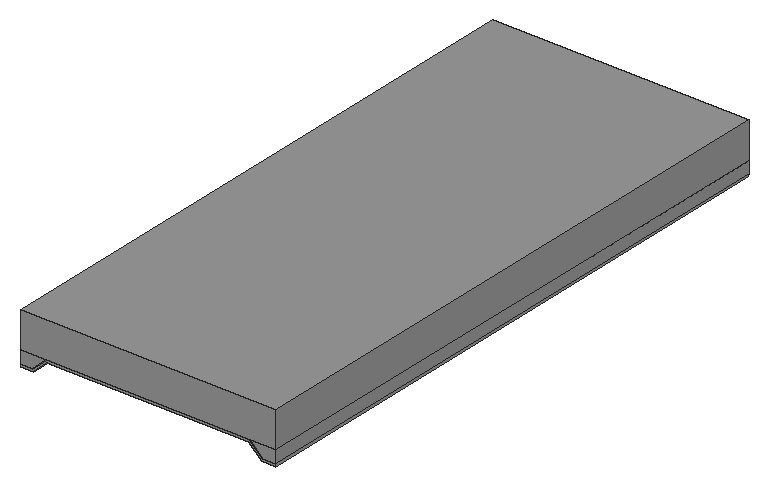
Revit family "闸室底板", category 常规模型, Revit 2019
Family settings
  可将钢筋附着到主体 = 否
  圆形连接件大小 = 使用直径
  零件类型 = 标准
  基于工作平面 = 否
  总是垂直 = 是
  加载时剪切的空心 = 否
  共享 = 否
  房间计算点 = 否
Parameters (values of type "C25")
  齿墙角度 = 45.00°
  齿墙宽度 = 600 mm
  齿墙厚度 = 600 mm
  齿墙 = 钢筋混凝土 C25
  底板长度 [instance] = 27800 mm
  底板宽度 [instance] = 12000 mm
  底板厚度 [instance] = 1700 mm
  底板 = 钢筋混凝土 C25
  垫层厚度 = 100 mm
  垫层 = 素混凝土 C25
  型号 = "LOCK_CHAMBER_BOTTOM_PLATE"
Reference planes
  plane 1 "中心(前/后)": y = 0
  plane 2: z = 0
  plane 3 "中心(左/右)": x = 0
  plane 4: y = 13900
  plane 5: y = -13900
  plane 6: x = -6000
  plane 7: x = 6000
  plane 8: z = -1700
  plane 9: z = -2300
  plane 10: x = -5400
  plane 11: z = -1800
Dimensions and locks
  "底板宽度": plane 6 to plane 7
  "底板长度": plane 4 to plane 5
  "底板厚度": level to plane 8
  "齿墙厚度": plane 8 to plane 9
  "齿墙宽度": plane 10 to plane 6
  "垫层厚度": plane 8 to plane 11
  "齿墙角度": angle plane 9 to nested 2
  aligned and locked: level to plane 2
  aligned and locked: nested 1 to plane 6
  aligned and locked: plane 7 to nested 1
  aligned and locked: nested 1 to plane 4
  aligned and locked: plane 5 to nested 1
  aligned and locked: nested 2 to plane 4
  aligned and locked: nested 2 to plane 5
  aligned and locked: nested 2 to plane 6
  aligned and locked: plane 7 to nested 2
  aligned and locked: plane 10 to nested 2  (x2)
  aligned and locked: nested 2 to plane 9  (x2)
  aligned and locked: nested 3 to plane 6
  aligned and locked: nested 3 to plane 7
  aligned and locked: plane 5 to nested 3
  aligned and locked: nested 3 to plane 4
  aligned and locked: nested 3 to plane 11
  aligned and locked: plane 8 to nested 3
  aligned and locked: plane 10 to nested 3
Nested families
  nested 1: "底板" at (0, 13900, 0), type "底板"
  nested 2: "齿墙" at (0, 13900, -1700), type "齿墙"
  nested 3: "垫层" at (0, 13900, -1700), type "垫层"
Definition of nested family "底板"
  Parameters (values of type "底板")
    底板长度 = 27800 mm
    底板宽度 = 12000 mm
    底板厚度 = 1700 mm
    底板 = none
  Reference planes
    plane 1 "中心(前/后)": y = 0
    plane 2: z = 0
    plane 3 "中心(左/右)": x = 0
    plane 4: x = -6000
    plane 5: x = 6000
    plane 6: z = -1700
    plane 7: y = -27800
  Forms (mm)
    Extrusion 1, solid, material <- "底板"
      sketch origin (0, 0, 0) x (1, 0, 0) y (0, 0, 1)
        loop
          line (-6000, 0) -> (-6000, -1700) -> (6000, -1700) -> (6000, 0) -> (-6000, 0)
      from 0 to 27800
  Dimensions and locks
    equal spacing: plane 5, plane 3 "中心(左/右)", plane 4
    "底板长度": plane 7 to plane 1 "中心(前/后)"
    "底板宽度": plane 5 to plane 4
    "底板厚度": level to plane 6
    aligned and locked: level to plane 2
    aligned and locked: plane 4 to Extrusion 1 sketch curve
    aligned and locked: Extrusion 1 sketch curve to plane 2
    aligned and locked: Extrusion 1 sketch curve to plane 5
    aligned and locked: plane 6 to Extrusion 1 sketch curve
    aligned and locked: Extrusion 1 sketch curve to plane 4
    aligned and locked: Extrusion 1 to plane 7
Definition of nested family "齿墙"
  Parameters (values of type "齿墙")
    齿墙角度 = 45.00°
    齿墙宽度 = 600 mm
    齿墙厚度 = 600 mm
    齿墙 = none
    底板长度 = 27800 mm
    底板宽度 = 12000 mm
    t1 = 齿墙厚度 / (tan(齿墙角度) * 1)  # 600 mm
  Reference planes
    plane 1 "中心(前/后)": y = 0
    plane 2: z = 0
    plane 3 "中心(左/右)": x = 0
    plane 4: z = -600
    plane 5: x = -6000
    plane 6: x = -5400
    plane 7: x = 6000
    plane 8: x = 5400
    plane 9: x = -4800
    plane 10: x = 4800
    plane 11: y = -27800
  Forms (mm)
    Extrusion 1, solid, material <- "齿墙"
      sketch origin (0, 0, 0) x (1, 0, 0) y (0, 0, 1)
        loop
          line (-6000, 0) -> (-6000, -600) -> (-5400, -600) -> (-4800, 0) -> (-6000, 0)
        loop
          line (6000, 0) -> (4800, 0) -> (5400, -600) -> (6000, -600) -> (6000, 0)
      from 0 to 27800
  Dimensions and locks
    equal spacing: plane 10, plane 3 "中心(左/右)", plane 9
    equal spacing: plane 8, plane 3 "中心(左/右)", plane 6
    equal spacing: plane 7, plane 3 "中心(左/右)", plane 5
    "齿墙厚度": plane 2 to plane 4
    "齿墙宽度": plane 6 to plane 5
    "底板宽度": plane 7 to plane 5
    "t1": plane 9 to plane 6
    "底板长度": plane 11 to plane 1 "中心(前/后)"
    "齿墙角度": angle plane 4 to Extrusion 1
    aligned and locked: level to plane 2
    aligned and locked: Extrusion 1 sketch curve to plane 5
    aligned and locked: Extrusion 1 sketch curve to plane 4  (x2)
    aligned and locked: plane 9 to Extrusion 1 sketch curve
    aligned and locked: plane 2 to Extrusion 1 sketch curve
    aligned and locked: Extrusion 1 sketch curve to plane 2  (x2)
    aligned and locked: plane 7 to Extrusion 1 sketch curve
    aligned and locked: plane 8 to Extrusion 1 sketch curve
    aligned and locked: Extrusion 1 to plane 11
  Automatic sketch dimensions
    Extrusion 1 sketch curve to plane 6 = 0 mm
    plane 10 to Extrusion 1 sketch curve = 0 mm
Definition of nested family "垫层"
  Parameters (values of type "垫层")
    齿墙角度 = 45.00°
    齿墙宽度 = 600 mm
    齿墙厚度 = 600 mm
    底板长度 = 27800 mm
    底板宽度 = 12000 mm
    垫层厚度 = 100 mm
    垫层 = none
    t2 = 垫层厚度 / (sin(齿墙角度) * 1) - 垫层厚度 / (tan(齿墙角度) * 1)  # 41.421 mm
    t1 = 齿墙厚度 / (tan(齿墙角度) * 1)  # 600 mm
  Reference planes
    plane 1 "中心(前/后)": y = 0
    plane 2: z = 0
    plane 3 "中心(左/右)": x = 0
    plane 4: z = -100
    plane 5: x = -6000
    plane 6: x = -5400
    plane 7: x = -4800
    plane 8: x = 6000
    plane 9: x = 5400
    plane 10: x = 4800
    plane 11: z = -600
    plane 12: z = -700
    plane 13: x = -5358.579
    plane 14: x = -4758.579
    plane 15: x = 4758.579
    plane 16: x = 5358.579
    plane 17: y = -27800
  Forms (mm)
    Extrusion 1, solid, material <- "垫层"
      sketch origin (0, 0, 0) x (1, 0, 0) y (0, 0, 1)
        loop
          line (-6000, -600) -> (-6000, -700) -> (-5358.579, -700) -> (-4758.579, -100) -> (4758.579, -100) -> (5358.579, -700) -> (6000, -700) -> (6000, -600) -> (5400, -600) -> (4800, 0) -> (-4800, 0) -> (-5400, -600) -> (-6000, -600)
      from 0 to 27800
  Dimensions and locks
    equal spacing: plane 10, plane 3 "中心(左/右)", plane 7
    equal spacing: plane 9, plane 3 "中心(左/右)", plane 6
    equal spacing: plane 8, plane 3 "中心(左/右)", plane 5
    "齿墙厚度": plane 2 to plane 11
    "垫层厚度": plane 2 to plane 4
    "垫层厚度": plane 11 to plane 12
    "t2": plane 13 to plane 6
    "t2": plane 14 to plane 7
    "底板宽度": plane 8 to plane 5
    equal spacing: plane 15, plane 3 "中心(左/右)", plane 14
    equal spacing: plane 16, plane 3 "中心(左/右)", plane 13
    "齿墙宽度": plane 6 to plane 5
    "t1": plane 7 to plane 6
    "底板长度": plane 17 to plane 1 "中心(前/后)"
    "齿墙角度": angle plane 11 to Extrusion 1
    aligned and locked: level to plane 2
    aligned and locked: Extrusion 1 to plane 17
    aligned and locked: plane 5 to Extrusion 1 sketch curve  (x2)
    aligned and locked: Extrusion 1 sketch curve to plane 11
    aligned and locked: Extrusion 1 sketch curve to plane 2
    aligned and locked: plane 11 to Extrusion 1 sketch curve
    aligned and locked: Extrusion 1 sketch curve to plane 12
    aligned and locked: plane 8 to Extrusion 1 sketch curve
    aligned and locked: Extrusion 1 sketch curve to plane 4
    aligned and locked: plane 12 to Extrusion 1 sketch curve
  Automatic sketch dimensions
    Extrusion 1 sketch curve to plane 6 = 0 mm
    Extrusion 1 sketch curve to plane 13 = 0 mm
    Extrusion 1 sketch curve to plane 7 = 0 mm
    Extrusion 1 sketch curve to plane 14 = 0 mm
    Extrusion 1 sketch curve to plane 15 = 0 mm
    plane 10 to Extrusion 1 sketch curve = 0 mm
    Extrusion 1 sketch curve to plane 16 = 0 mm
    plane 9 to Extrusion 1 sketch curve = 0 mm
